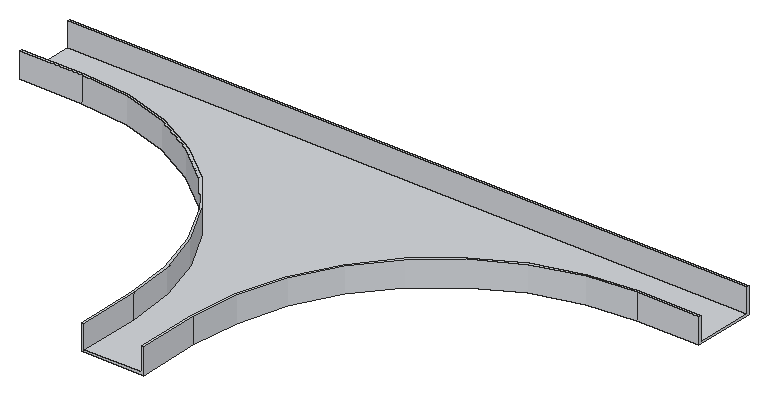
Revit family "4a54d824785943d1a5b5f698c477f04e", category Cable Tray Fittings, Revit 2021
Family settings
  Round Connector Dimension = Use Diameter
  Part Type = Channel Tee
  OmniClass Number = 23.80.30.17.17
  OmniClass Title = Cable Trays and Horizontal Racks
  Seek Item ID = Channel Horizontal Tee-0000-USA-ENU
  Work Plane-Based = No
  Always vertical = Yes
  Cut with Voids When Loaded = No
  Shared = No
Parameters (values of type "12" Radius")
  Tray Width 3 [instance] = 3"
  Tray Width 1 [instance] = 3"
  Tray Length [instance] = 3"
  Tray Height [instance] = 1 1/4"
  built-in parameter 1140111 [instance] = 0' - 0 13/128"
  Radius Label 1 [instance] = Radius Label + [built-in parameter 1140111]  # 12 13/128"
  Radius Label [instance] = Radius  # 12"
  Radius = 12"
  Default Elevation = 0' - 0"
Types (5): name | Radius Label 1 | Radius Label | Radius
  (no name) | 12 13/128" | 12" | 12"
  12" Radius | 12 13/128" | 12" | 12"
  24" Radius | 24 13/128" | 24" | 24"
  36" Radius | 36 13/128" | 36" | 36"
  48" Radius | 48 13/128" | 48" | 48"
Reference planes (in)
  plane 1 "Center (Front/Back)": y = 0
  plane 2: z = 0
  plane 3 "Center (Left/Right)": x = 0
  plane 4: y = 1.5
  plane 5: y = -1.5
  plane 6: z = 0.625
  plane 7: z = -0.625
  plane 8: y = -13.5
  plane 9: x = -1.5
  plane 10: x = 1.5
  plane 11: x = -13.5
  plane 12: x = 13.5
  plane 13: y = -1.39844
  plane 14: y = 1.39844
  plane 15: y = -16.5
  plane 16: x = -1.39844
  plane 17: x = 1.39844
  plane 18: x = -16.5
  plane 19: x = 16.5
  plane 20: z = -0.52344
Forms (in)
  Extrusion 1, solid, detail levels fine
    sketch origin (0, 0, 0) x (1, 0, 0) y (0, 1, 0)
      loop
        arc (-13.5, -1.5) -> (-5.01472, -5.01472) -> (-1.5, -13.5) r 12
        line (-1.5, -13.5) -> (-1.5, -16.5) -> (-1.39844, -16.5) -> (-1.39844, -13.5)
        arc (-1.39844, -13.5) -> (-4.9429, -4.9429) -> (-13.5, -1.39844) r 12.10156
        line (-13.5, -1.39844) -> (-16.5, -1.39844) -> (-16.5, -1.5) -> (-13.5, -1.5)
      loop
        line (13.5, -1.5) -> (16.5, -1.5) -> (16.5, -1.39844) -> (13.5, -1.39844)
        arc (13.5, -1.39844) -> (4.9429, -4.9429) -> (1.39844, -13.5) r 12.10156
        line (1.39844, -13.5) -> (1.39844, -16.5) -> (1.5, -16.5) -> (1.5, -13.5)
        arc (1.5, -13.5) -> (5.01472, -5.01472) -> (13.5, -1.5) r 12
      loop
        line (-16.5, 1.5) -> (-16.5, 1.39844) -> (16.5, 1.39844) -> (16.5, 1.5) -> (-16.5, 1.5)
    from -0.625 to 0.625
  Extrusion 2, solid, detail levels fine
    sketch origin (0, 0, 0) x (1, 0, 0) y (0, 1, 0)
      loop
        arc (-13.5, -1.5) -> (-5.01472, -5.01472) -> (-1.5, -13.5) r 12
        line (-1.5, -13.5) -> (-1.5, -16.5) -> (1.5, -16.5) -> (1.5, -13.5)
        arc (1.5, -13.5) -> (5.01472, -5.01472) -> (13.5, -1.5) r 12
        line (13.5, -1.5) -> (16.5, -1.5) -> (16.5, 1.5) -> (-16.5, 1.5) -> (-16.5, -1.5) -> (-13.5, -1.5)
    from -0.625 to -0.52344
  Extrusion 3, solid, detail levels medium
    sketch origin (0, 0, 0) x (1, 0, 0) y (0, 1, 0)
      loop
        arc (-13.5, -1.5) -> (-5.01472, -5.01472) -> (-1.5, -13.5) r 12
        line (-1.5, -13.5) -> (-1.5, -16.5) -> (1.5, -16.5) -> (1.5, -13.5)
        arc (1.5, -13.5) -> (5.01472, -5.01472) -> (13.5, -1.5) r 12
        line (13.5, -1.5) -> (16.5, -1.5) -> (16.5, 1.5) -> (-16.5, 1.5) -> (-16.5, -1.5) -> (-13.5, -1.5)
    from -0.625 to 0.625
Cuts and joins
  joined: Extrusion 1, Extrusion 2
Lines and regions (in)
  model lines, detail levels coarse
    curve 1: line (-16.5, 0, 0) -> (16.5, 0, 0)
    curve 2: line (0, 0, 0) -> (0, -16.5, 0)
Dimensions and locks (in)
  equal spacing: plane 4, plane 1 "Center (Front/Back)", plane 5
  "Tray Width 1": plane 4 to plane 5
  equal spacing: plane 6, plane 2, plane 7
  "Tray Height": plane 6 to plane 7
  "Radius Label": plane 5 to plane 8
  equal spacing: plane 9, plane 3 "Center (Left/Right)", plane 10
  "Tray Width 3": plane 9 to plane 10
  "Radius Label": plane 11 to plane 9
  "Radius Label": plane 10 to plane 12
  "built-in parameter 1140111": plane 13 to plane 5
  "built-in parameter 1140111": plane 4 to plane 14
  "Tray Length": plane 8 to plane 15
  "built-in parameter 1140111": plane 9 to plane 16
  "built-in parameter 1140111": plane 17 to plane 10
  "Tray Length": plane 18 to plane 11
  "Tray Length": plane 12 to plane 19
  "built-in parameter 1140111": plane 20 to plane 7
  "Radius Label": radius of Extrusion 1 sketch curve  (x2)
  "Radius Label 1": radius of Extrusion 1 sketch curve  (x2)
  "Radius Label": radius of Extrusion 2 sketch curve  (x2)
  "Radius Label": radius of Extrusion 3 sketch curve  (x2)
  aligned and locked: plane 8 to Extrusion 1 sketch curve  (x8)
  aligned and locked: plane 11 to Extrusion 1 sketch curve  (x2)
  aligned and locked: Extrusion 1 sketch curve to plane 13
  aligned and locked: plane 18 to Extrusion 1 sketch curve  (x2)
  aligned and locked: Extrusion 1 sketch curve to plane 5
  aligned and locked: Extrusion 1 sketch curve to plane 9
  aligned and locked: plane 15 to Extrusion 1 sketch curve  (x2)
  aligned and locked: Extrusion 1 sketch curve to plane 16
  aligned and locked: plane 16 to Extrusion 1 sketch curve
  aligned and locked: plane 9 to Extrusion 1 sketch curve
  aligned and locked: Extrusion 1 sketch curve to plane 15  (x2)
  aligned and locked: Extrusion 1 sketch curve to plane 18
  aligned and locked: Extrusion 1 to plane 7
  aligned and locked: plane 6 to Extrusion 1
  aligned and locked: plane 12 to Extrusion 1 sketch curve  (x2)
  aligned and locked: plane 19 to Extrusion 1 sketch curve
  aligned and locked: plane 5 to Extrusion 1 sketch curve
  aligned and locked: plane 13 to Extrusion 1 sketch curve
  aligned and locked: Extrusion 1 sketch curve to plane 19  (x2)
  aligned and locked: Extrusion 1 sketch curve to plane 17
  aligned and locked: Extrusion 1 sketch curve to plane 10
  aligned and locked: plane 10 to Extrusion 1 sketch curve
  aligned and locked: plane 17 to Extrusion 1 sketch curve
  aligned and locked: plane 14 to Extrusion 1 sketch curve
  aligned and locked: Extrusion 1 sketch curve to plane 4
  aligned and locked: plane 8 to Extrusion 2 sketch curve  (x4)
  aligned and locked: plane 11 to Extrusion 2 sketch curve  (x2)
  aligned and locked: plane 12 to Extrusion 2 sketch curve  (x2)
  aligned and locked: plane 18 to Extrusion 2 sketch curve
  aligned and locked: Extrusion 2 sketch curve to plane 5
  aligned and locked: Extrusion 2 sketch curve to plane 18
  aligned and locked: plane 19 to Extrusion 2 sketch curve  (x2)
  aligned and locked: Extrusion 2 sketch curve to plane 4
  aligned and locked: plane 4 to Extrusion 2 sketch curve
  aligned and locked: plane 5 to Extrusion 2 sketch curve
  aligned and locked: plane 15 to Extrusion 2 sketch curve
  aligned and locked: plane 10 to Extrusion 2 sketch curve
  aligned and locked: plane 9 to Extrusion 2 sketch curve
  aligned and locked: Extrusion 2 sketch curve to plane 15
  aligned and locked: Extrusion 2 to plane 7
  aligned and locked: plane 20 to Extrusion 2
  aligned and locked: plane 8 to Extrusion 3 sketch curve  (x3)
  aligned and locked: plane 11 to Extrusion 3 sketch curve  (x2)
  aligned and locked: plane 18 to Extrusion 3 sketch curve
  aligned and locked: Extrusion 3 sketch curve to plane 5  (x2)
  aligned and locked: plane 4 to Extrusion 3 sketch curve  (x2)
  aligned and locked: Extrusion 3 sketch curve to plane 18
  aligned and locked: plane 5 to Extrusion 3 sketch curve
  aligned and locked: Extrusion 3 sketch curve to plane 19
  aligned and locked: plane 12 to Extrusion 3 sketch curve
  aligned and locked: plane 19 to Extrusion 3 sketch curve
  aligned and locked: plane 15 to Extrusion 3 sketch curve
  aligned and locked: Extrusion 3 sketch curve to plane 10
  aligned and locked: plane 10 to Extrusion 3 sketch curve
  aligned and locked: plane 9 to Extrusion 3 sketch curve
  aligned and locked: Extrusion 3 sketch curve to plane 15
  aligned and locked: Extrusion 3 to plane 7
  aligned and locked: plane 6 to Extrusion 3
  aligned and locked: plane 19 to curve 1
  aligned and locked: plane 18 to curve 1
  aligned and locked: plane 1 "Center (Front/Back)" to curve 1
  aligned and locked: plane 15 to curve 2
  aligned and locked: plane 1 "Center (Front/Back)" to curve 2
  aligned and locked: curve 2 to plane 3 "Center (Left/Right)"
Connectors (in)
  cabletrayconduit at (-16.5, 0, 0), diameter 24, driven by "Tray Height", driven by "Tray Width 1"
    settings: on Extrusion 3, index 1, connector width 0' - 3", connector height 0' - 1 1/4", connector angle 0.00°, system type 32, placement type 0, profile type 1, connector reference index 2, is primary connector yes, connector utility param no, connector description ""
  cabletrayconduit at (16.5, 0, 0), diameter 24, driven by "Tray Height", driven by "Tray Width 1"
    settings: on Extrusion 3, index 2, connector width 0' - 3", connector height 0' - 1 1/4", connector angle 0.00°, system type 32, placement type 0, profile type 1, connector reference index 1, is primary connector no, connector utility param no, connector description ""
  cabletrayconduit at (0, -16.5, 0), diameter 24, driven by "Tray Height", driven by "Tray Width 3"
    settings: on Extrusion 3, index 3, connector width 0' - 3", connector height 0' - 1 1/4", connector angle 0.00°, system type 32, placement type 0, profile type 1, connector reference index -1, is primary connector no, connector utility param no, connector description ""
